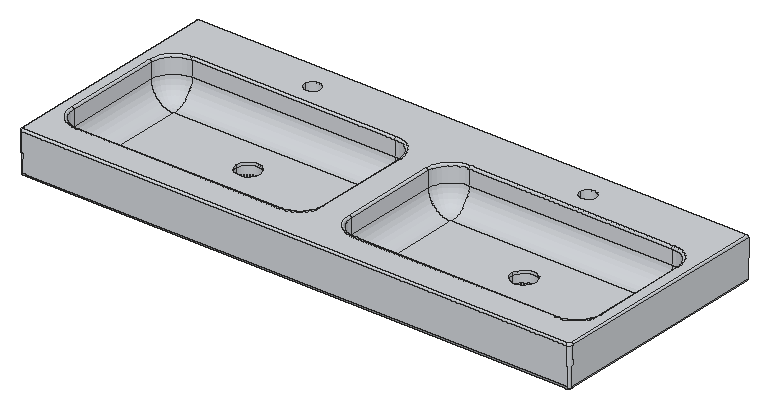
Revit family "NLRS_74_PF_UN_wastafel_S8308300000_SPHINX_BCB", category Plumbing Fixtures, Revit 2016
Family settings
  Part Type = Normal
  Round Connector Dimension = Use Radius
  OmniClass Number = 23.45.00.00
  OmniClass Title = Sanitary, Laundry, and Cleaning Equipment
  Work Plane-Based = No
  Always vertical = Yes
  Cut with Voids When Loaded = No
  Shared = No
  Room Calculation Point = No
Parameters
  NLRS_C_type = "Dubbele wastafel"
  NLRS_C_serie = "345"
  NLRS_C_revit_versie = "2016"
  NLRS_C_content_versie = "2.0"
  NLRS_C_content_provider = "BouwConnect"
  NLRS_C_content_datum_uitgifte = "APR-2018"
  NLRS_C_content_datum_gewijzigd = "APR-2018"
  NLRS_C_content_creator = "BouwConnect"
  NLRS_C_URL_product_data = "http://www.sphinx.nl/producten/wastafels-%7C-fonteinen/wastafels/sphinx-345-%7C-dubbele-wastafel-120-cm/29192/"
  afvoer_radius = 26.2 mm
  aanvoer_radius = 17.5 mm
  WFU = 0
  URL = "http://www.sphinx.nl/"
  Type Comments = ""
  NLRS_S_gewicht = 10.00 kg
  NLRS_C_materiaal = none
  NLRS_C_lengte = 485 mm
  NLRS_C_hoogte = 160 mm
  NLRS_C_diameter_uit = 45 mm
  NLRS_C_diameter_in = 35 mm
  NLRS_C_breedte = 1200 mm
  Model = ""
  Manufacturer = "Sphinx"
  Keynote = ""
  IfcTypeProduct = "IfcSanitaryTerminalType"
  IfcExportType = "SINK"
  IfcExportAs = "IfcSanitaryTerminalTypeEnum"
  IfcElement = "IfcFlowTerminal"
  NLRS_C_code_EAN = "8711754369719"
  Description = "wastafel"
  CWFU = 0
  NLRS_C_URL_BCB = "http://bcb-online.nl/?zoekterm=Sphinx+++%5bGeberit+B.V.%5d"
  Assembly Code = "47.11"
Reference planes
  plane 1 "Center (Front/Back)": y = 0
  plane 2: z = 0
  plane 3 "Center (Left/Right)": x = 0
  plane 4: x = -300
  plane 5: x = 300
  plane 6: y = -235
  plane 7: y = -60
Forms (mm)
  Extrusion 1, solid, detail levels medium+fine
    sketch origin (0, 0, 0) x (1, 0, 0) y (0, 1, 0)
      loop
        line (-605.561, 0) -> (-605.561, -492.239)
        arc (-605.561, -492.239) -> (-605.268, -492.946) -> (-604.561, -493.239) r 1
        line (-604.561, -493.239) -> (604.439, -493.239)
        arc (604.439, -493.239) -> (605.146, -492.946) -> (605.439, -492.239) r 1
        line (605.439, -492.239) -> (605.439, 0) -> (-605.561, 0)
    from -89.999 to 0
  Sweep 2, void, detail levels medium+fine
    path origin (0, 0, 0) x (1, 0, 0) y (0, 1, 0)
      loop
        line (-599.844, 0) -> (-599.844, -477.932)
        arc (-599.844, -477.932) -> (-597.773, -482.93) -> (-592.775, -485) r 7.068
        line (-592.775, -485) -> (593.088, -485)
        arc (593.088, -485) -> (598.086, -482.93) -> (600.156, -477.932) r 7.068
        line (600.156, -477.932) -> (600.156, 0)
    profile origin (-599.844, -238.966, 0) x (1, 0, 0) y (0, 0, 1)
      loop
        arc (0.047, -4.094) -> (1.184, -1.205) -> (4.046, 0) r 4
        line (4.046, 0) -> (4.046, 1) -> (-13.879, 1) -> (-13.879, -92.278) -> (5.975, -92.278) -> (5.975, -89.999)
        arc (5.975, -89.999) -> (3.18, -88.86) -> (1.976, -86.093) r 4
        line (1.976, -86.093) -> (0.047, -4.094)
  Sweep 3, void, detail levels medium+fine
    path origin (4000.313, 0, 0) x (-1, 0, 0) y (0, -1, 0)
      loop
        arc (4522.656, 110) -> (4558.012, 124.645) -> (4572.656, 160) r 50
        line (4572.656, 160) -> (4572.656, 370)
        arc (4572.656, 370) -> (4558.012, 405.355) -> (4522.656, 420) r 50
        line (4522.656, 420) -> (4081.156, 420)
        arc (4081.156, 420) -> (4045.801, 405.355) -> (4031.156, 370) r 50
        line (4031.156, 370) -> (4031.156, 160)
        arc (4031.156, 160) -> (4045.801, 124.645) -> (4081.156, 110) r 50
        line (4081.156, 110) -> (4522.656, 110)
    profile origin (-301.594, -110, 0) x (0, 1, 0) y (0, 0, 1)
      loop
        arc (0, -4) -> (1.172, -1.172) -> (4, 0) r 4
        line (4, 0) -> (5, 0) -> (5, 24) -> (-49, 24) -> (-49, -85) -> (-48, -85)
        arc (-48, -85) -> (-14.059, -70.942) -> (0, -37) r 48
        line (0, -37) -> (0, -4)
  Extrusion 4, void, detail levels medium+fine
    sketch origin (1000.313, 0, 0) x (-1, 0, 0) y (0, -1, 0)
      loop
        arc (1523.156, 158.5) -> (1523.863, 158.793) -> (1524.156, 159.5) r 1
        line (1524.156, 159.5) -> (1524.156, 370.5)
        arc (1524.156, 370.5) -> (1523.863, 371.207) -> (1523.156, 371.5) r 1
        line (1523.156, 371.5) -> (1080.656, 371.5)
        arc (1080.656, 371.5) -> (1079.949, 371.207) -> (1079.656, 370.5) r 1
        line (1079.656, 370.5) -> (1079.656, 159.5)
        arc (1079.656, 159.5) -> (1079.949, 158.793) -> (1080.656, 158.5) r 1
        line (1080.656, 158.5) -> (1523.156, 158.5)
    from -85 to 20
  Revolve 5, solid, detail levels medium+fine
    sketch origin (-300, 49.876, 0) x (0, 1, 0) y (0, 0, -1)
      loop
        arc (-164.53, 90) -> (-201.281, 106.802) -> (-241.315, 112.294) r 138.656
        line (-241.315, 112.294) -> (-284.896, 112.294) -> (-284.896, 90) -> (-164.53, 90)
      axis (-284.896, 90) -> (-284.896, 112.294)
    angle from 0 to 360
  Revolve 6, solid, detail levels medium+fine
    sketch origin (-257.5, -235, -10.005) x (-1, 0, 0) y (0, 0, -1)
      loop
        line (6.298, 98.528) -> (16.241, 98.528) -> (16.241, 150) -> (14.241, 150)
        arc (14.241, 150) -> (10.089, 148.332) -> (8.246, 144.255) r 6
        line (8.246, 144.255) -> (6.298, 98.528)
      axis (42.5, 150) -> (42.5, 98.528)
    angle from 0 to 360
  Extrusion 7, void, detail levels medium+fine
    sketch origin (-257.5, 55, 0) x (-1, 0, 0) y (0, -1, 0)
      loop
        circle (42.5, 290) r 26.25
    from -193.205 to 24
  Extrusion 8, solid, detail levels medium+fine
    sketch origin (0.313, 0, 0) x (-1, 0, 0) y (0, 0, -1)
      loop
        line (72.13, 133.402) -> (68.008, 89.953) -> (532.183, 89.953) -> (528.06, 133.402)
        arc (528.06, 133.402) -> (524.834, 139.855) -> (518.105, 142.458) r 10
        line (518.105, 142.458) -> (499.355, 142.458) -> (490.44, 138) -> (464.923, 138)
        arc (464.923, 138) -> (458.874, 135.963) -> (455.289, 130.682) r 10
        line (455.289, 130.682) -> (452.959, 122.313)
        arc (452.959, 122.313) -> (449.374, 117.032) -> (443.326, 114.995) r 10
        line (443.326, 114.995) -> (156.865, 114.995)
        arc (156.865, 114.995) -> (150.816, 117.032) -> (147.231, 122.313) r 10
        line (147.231, 122.313) -> (144.901, 130.682)
        arc (144.901, 130.682) -> (141.317, 135.963) -> (135.268, 138) r 10
        line (135.268, 138) -> (110.03, 138) -> (101.115, 142.458) -> (82.085, 142.458)
        arc (82.085, 142.458) -> (75.356, 139.855) -> (72.13, 133.402) r 10
    from 0 to 42
  Extrusion 9, void, detail levels medium+fine
    sketch origin (-257.5, 0, 0) x (-1, 0, 0) y (0, -1, 0)
      loop
        circle (42.5, 60) r 17.5
    from -75.886 to 16.495
  Extrusion 10, void, detail levels medium+fine
    sketch origin (257.5, 0, 0) x (1, 0, 0) y (0, 1, 0)
      loop
        circle (42.5, -60) r 17.5
    from -75.886 to 16.495
  Extrusion 11, solid, detail levels coarse
    sketch origin (-1420, 0, 0) x (1, 0, 0) y (0, 1, 0)
      loop
        line (820, 0) -> (820, -485) -> (2020, -485) -> (2020, 0) -> (820, 0)
    from -90 to 0
  Extrusion 12, void, detail levels coarse
    sketch origin (-1420, 0, 0) x (1, 0, 0) y (0, 1, 0)
      loop
        arc (897.5, -110) -> (862.145, -124.645) -> (847.5, -160) r 50
        line (847.5, -160) -> (847.5, -370)
        arc (847.5, -370) -> (862.145, -405.355) -> (897.5, -420) r 50
        line (897.5, -420) -> (1336.5, -420)
        arc (1336.5, -420) -> (1371.855, -405.355) -> (1386.5, -370) r 50
        line (1386.5, -370) -> (1386.5, -160)
        arc (1386.5, -160) -> (1371.855, -124.645) -> (1336.5, -110) r 50
        line (1336.5, -110) -> (897.5, -110)
    from -80 to 100
  Revolve 13, solid, detail levels medium+fine
    sketch origin (300, 49.876, 0) x (0, 1, 0) y (0, 0, 1)
      loop
        line (-164.53, -90) -> (-284.896, -90) -> (-284.896, -112.294) -> (-241.315, -112.294)
        arc (-241.315, -112.294) -> (-201.281, -106.802) -> (-164.53, -90) r 138.656
      axis (-284.896, -90) -> (-284.896, -112.294)
    angle from 0 to 360
  Revolve 14, solid, detail levels medium+fine
    sketch origin (257.5, -235, -10.005) x (1, 0, 0) y (0, 0, 1)
      loop
        line (6.298, -98.528) -> (8.246, -144.255)
        arc (8.246, -144.255) -> (10.089, -148.332) -> (14.241, -150) r 6
        line (14.241, -150) -> (16.241, -150) -> (16.241, -98.528) -> (6.298, -98.528)
      axis (42.5, -150) -> (42.5, -98.528)
    angle from 0 to 360
  Extrusion 15, void, detail levels medium+fine
    sketch origin (257.5, 55, 0) x (1, 0, 0) y (0, 1, 0)
      loop
        circle (42.5, -290) r 26.25
    from -193.205 to 24
  Sweep 16, void, detail levels medium+fine
    path origin (-4000.313, 0, 0) x (1, 0, 0) y (0, 1, 0)
      loop
        line (4522.656, -110) -> (4081.156, -110)
        arc (4081.156, -110) -> (4045.801, -124.645) -> (4031.156, -160) r 50
        line (4031.156, -160) -> (4031.156, -370)
        arc (4031.156, -370) -> (4045.801, -405.355) -> (4081.156, -420) r 50
        line (4081.156, -420) -> (4522.656, -420)
        arc (4522.656, -420) -> (4558.012, -405.355) -> (4572.656, -370) r 50
        line (4572.656, -370) -> (4572.656, -160)
        arc (4572.656, -160) -> (4558.012, -124.645) -> (4522.656, -110) r 50
    profile origin (301.594, -110, 0) x (0, -1, 0) y (0, 0, 1)
      loop
        line (0, -4) -> (0, -37)
        arc (0, -37) -> (14.059, -70.942) -> (48, -85) r 48
        line (48, -85) -> (49, -85) -> (49, 24) -> (-5, 24) -> (-5, 0) -> (-4, 0)
        arc (-4, 0) -> (-1.172, -1.172) -> (0, -4) r 4
  Extrusion 17, void, detail levels medium+fine
    sketch origin (-1000.313, 0, 0) x (1, 0, 0) y (0, 1, 0)
      loop
        line (1523.156, -158.5) -> (1080.656, -158.5)
        arc (1080.656, -158.5) -> (1079.949, -158.793) -> (1079.656, -159.5) r 1
        line (1079.656, -159.5) -> (1079.656, -370.5)
        arc (1079.656, -370.5) -> (1079.949, -371.207) -> (1080.656, -371.5) r 1
        line (1080.656, -371.5) -> (1523.156, -371.5)
        arc (1523.156, -371.5) -> (1523.863, -371.207) -> (1524.156, -370.5) r 1
        line (1524.156, -370.5) -> (1524.156, -159.5)
        arc (1524.156, -159.5) -> (1523.863, -158.793) -> (1523.156, -158.5) r 1
    from -85 to 20
  Extrusion 18, solid, detail levels medium+fine
    sketch origin (-0.313, 0, 0) x (1, 0, 0) y (0, 0, 1)
      loop
        arc (72.13, -133.402) -> (75.356, -139.855) -> (82.085, -142.458) r 10
        line (82.085, -142.458) -> (101.115, -142.458) -> (110.03, -138) -> (135.268, -138)
        arc (135.268, -138) -> (141.317, -135.963) -> (144.901, -130.682) r 10
        line (144.901, -130.682) -> (147.231, -122.313)
        arc (147.231, -122.313) -> (150.816, -117.032) -> (156.865, -114.995) r 10
        line (156.865, -114.995) -> (443.326, -114.995)
        arc (443.326, -114.995) -> (449.374, -117.032) -> (452.959, -122.313) r 10
        line (452.959, -122.313) -> (455.289, -130.682)
        arc (455.289, -130.682) -> (458.874, -135.963) -> (464.923, -138) r 10
        line (464.923, -138) -> (490.44, -138) -> (499.355, -142.458) -> (518.105, -142.458)
        arc (518.105, -142.458) -> (524.834, -139.855) -> (528.06, -133.402) r 10
        line (528.06, -133.402) -> (532.183, -89.953) -> (68.008, -89.953) -> (72.13, -133.402)
    from 0 to 42
  Extrusion 19, void, detail levels coarse
    sketch origin (1420, 0, 0) x (-1, 0, 0) y (0, -1, 0)
      loop
        line (897.5, 110) -> (1336.5, 110)
        arc (1336.5, 110) -> (1371.855, 124.645) -> (1386.5, 160) r 50
        line (1386.5, 160) -> (1386.5, 370)
        arc (1386.5, 370) -> (1371.855, 405.355) -> (1336.5, 420) r 50
        line (1336.5, 420) -> (897.5, 420)
        arc (897.5, 420) -> (862.145, 405.355) -> (847.5, 370) r 50
        line (847.5, 370) -> (847.5, 160)
        arc (847.5, 160) -> (862.145, 124.645) -> (897.5, 110) r 50
    from -80 to 100
  Extrusion 20, solid, not visible, detail levels medium+fine
    sketch origin (0, 0, 0) x (1, 0, 0) y (0, 1, 0)
      loop
        circle (-300, -60) r 17.5
    from -2 to 0
  Extrusion 21, solid, not visible, detail levels medium+fine
    sketch origin (0, 0, 0) x (1, 0, 0) y (0, 1, 0)
      loop
        circle (-300, -235) r 26.25
    from -160.005 to -158
  Extrusion 22, solid, not visible, detail levels medium+fine
    sketch origin (0, 0, 0) x (-1, 0, 0) y (0, -1, 0)
      loop
        circle (-300, 60) r 17.5
    from -2 to 0
  Extrusion 23, solid, not visible, detail levels medium+fine
    sketch origin (0, 0, 0) x (-1, 0, 0) y (0, -1, 0)
      loop
        circle (-300, 235) r 26.25
    from -160.005 to -158
Cuts and joins
  Extrusion 7, Extrusion 15 cuts Revolve 5
  Sweep 2, Sweep 3, Extrusion 4, Extrusion 7, Extrusion 9, Extrusion 10, Extrusion 15, Sweep 16, Extrusion 17 cuts Extrusion 1
  Extrusion 10, Extrusion 15, Extrusion 17 cuts Extrusion 8
  joined: Extrusion 1, Extrusion 8
  Extrusion 12, Extrusion 19 cuts Extrusion 11
  Extrusion 15 cuts Revolve 13
Dimensions and locks
  aligned and locked: level to plane 2
Connectors
  piping at (-300, -60, 0), diameter 35, driven by "CWFU", driven by "aanvoer_radius"
    settings: on cut or joined group 1 (Extrusion 1, Sweep 2, Sweep 3, Extrusion 4, Extrusion 7, Extrusion 8, Extrusion 9, Extrusion 10, Extrusion 15, Sweep 16, Extrusion 17), index 1, connector inside diameter 35 mm, connector length 0 mm, flow factor 0, pipe flow 0.0 L/s, pressure drop 0.0 Pa, fitting loss kfactor 0, connector angle 0.00°, fixture units 0, engagement length 0 mm, angle of deflection 0.00°, flow configuration 3, flow direction 1, fitting loss method 0, system type 16, joint type 0, gender type 0, connector reference index -1, connector utility 0, adjustable connector no, is connector primary yes, connector description "in"
  piping at (-300, -235, -160.005), diameter 52.4, driven by "WFU", driven by "afvoer_radius"
    settings: on Revolve 6, index 2, connector inside diameter 52.4 mm, connector length 0 mm, flow factor 0, pipe flow 0.0 L/s, pressure drop 0.0 Pa, fitting loss kfactor 0, connector angle 0.00°, fixture units 0, engagement length 0 mm, angle of deflection 0.00°, flow configuration 3, flow direction 2, fitting loss method 0, system type 16, joint type 0, gender type 0, connector reference index -1, connector utility 0, adjustable connector no, is connector primary no, connector description "uit"
  piping at (-300, -60, 0), diameter 35, driven by "CWFU", driven by "aanvoer_radius"
    settings: on cut or joined group 1, index 3, connector inside diameter 35 mm, connector length 0 mm, flow factor 0, pipe flow 0.0 L/s, pressure drop 0.0 Pa, fitting loss kfactor 0, connector angle 0.00°, fixture units 0, engagement length 0 mm, angle of deflection 0.00°, flow configuration 3, flow direction 1, fitting loss method 0, system type 16, joint type 0, gender type 0, connector reference index -1, connector utility 0, adjustable connector no, is connector primary no, connector description ""
  piping at (-300, -235, -160.005), diameter 52.4, driven by "WFU", driven by "afvoer_radius"
    settings: on Revolve 6, index 4, connector inside diameter 52.4 mm, connector length 0 mm, flow factor 0, pipe flow 0.0 L/s, pressure drop 0.0 Pa, fitting loss kfactor 0, connector angle 0.00°, fixture units 0, engagement length 0 mm, angle of deflection 0.00°, flow configuration 3, flow direction 2, fitting loss method 0, system type 16, joint type 0, gender type 0, connector reference index -1, connector utility 0, adjustable connector no, is connector primary no, connector description ""
  piping at (300, -60, 0), diameter 35, driven by "CWFU", driven by "aanvoer_radius"
    settings: on cut or joined group 1, index 5, connector inside diameter 35 mm, connector length 0 mm, flow factor 0, pipe flow 0.0 L/s, pressure drop 0.0 Pa, fitting loss kfactor 0, connector angle 0.00°, fixture units 0, engagement length 0 mm, angle of deflection 0.00°, flow configuration 3, flow direction 1, fitting loss method 0, system type 16, joint type 0, gender type 0, connector reference index -1, connector utility 0, adjustable connector no, is connector primary no, connector description "in"
  piping at (300, -235, -160.005), diameter 52.4, driven by "WFU", driven by "afvoer_radius"
    settings: on Extrusion 23, index 6, connector inside diameter 52.4 mm, connector length 0 mm, flow factor 0, pipe flow 0.0 L/s, pressure drop 0.0 Pa, fitting loss kfactor 0, connector angle 0.00°, fixture units 0, engagement length 0 mm, angle of deflection 0.00°, flow configuration 3, flow direction 2, fitting loss method 0, system type 16, joint type 0, gender type 0, connector reference index -1, connector utility 0, adjustable connector no, is connector primary no, connector description "uit"
